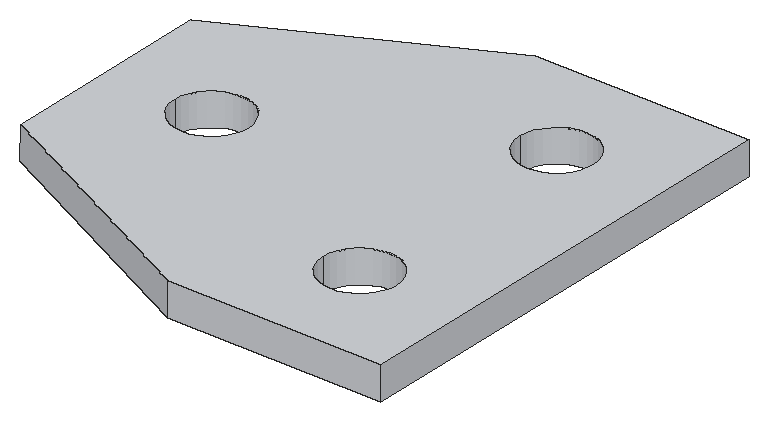
Revit family "Fitting-Flat_Plate-Unistrut-P1356", category Specialty Equipment, Revit 2012
Parameters (values of type "P1356")
  ecoScorecard_data = "http://products.ecoscorecard.com/atkore/P1356"
  ecoScorecard Product Page = "http://products.ecoscorecard.com/atkore/P1356?action=html"
  Weight Per Piece = 0.70 lbf
  Unit = none
  Unistrut Part Number = "P1356"  # constant formula
  URL = "http://unistrut.us/index.php"
  Thickness = 0' - 0 1/4"  # constant formula
  Subcategory = "Flat Plate Fittings"  # constant formula
  Product Page URL = "http://unistrut.us/index.php?WP=cat_detail&S=S05&P=P1356"
  Power Strut Part Number = "PS 925"  # constant formula
  Part Type = "P1356"  # constant formula
  Overall Width = 0' - 3 1/2"  # constant formula
  Overall Length = 0' - 3 1/2"  # constant formula
  Model = "P1356"  # constant formula
  Material = ""
  Manufacturer Phone - Toll Free = "800-882-5543"  # constant formula
  Manufacturer Phone = "708-339-1610"  # constant formula
  Manufacturer Fax = "708-339-7814"  # constant formula
  Manufacturer Email = "mailto:jshaw@atkore.com"
  Manufacturer Address = "16100 South Lathrop Avenue, Harvey, IL 60426"  # constant formula
  Manufacturer = "Unistrut by Atkore International"  # constant formula
  Load Capacity Note = "Visit the product page for load application and capacity."  # constant formula
  Literature URL = "http://unistrut.us/index.php?WP=LItLibrary"
  Hole Diameter = 0' - 0 9/16"
  Cost Info = "mailto:jshaw@atkore.com"
  CAD URL = "http://unistrut.us/index.php?WP=CAD3d"
  Assembly Code = "D5020100"
  95 CSI = "16070"  # constant formula
  04 CSI = "26 05 48"  # constant formula
Reference planes (in)
  plane 1 "Center (Front/Back)": y = 0
  plane 2: z = 0
  plane 3 "Center (Left/Right)": x = 0
  plane 4: y = 1.75
  plane 5: y = -1.75
  plane 6: x = -1.75
  plane 7: x = 1.75
  plane 8: z = 0.25
  plane 9: x = 0.93999
  plane 10: x = -0.94205
Dimensions and locks (in)
  equal spacing: plane 6, plane 3 "Center (Left/Right)", plane 7
  "Overall Width": plane 6 to plane 7
  equal spacing: plane 4, plane 1 "Center (Front/Back)", plane 5
  "Overall Length": plane 4 to plane 5
  "Thickness": plane 8 to plane 2
  aligned and locked: level to plane 2
  aligned and locked: plane 3 "Center (Left/Right)" to nested 1
  aligned and locked: plane 1 "Center (Front/Back)" to nested 1
Nested families (in)
  nested 1: "1356" at (0, 0, 0), type "1356"
Definition of nested family "1356"
  Parameters (values of type "P1356")
    Width = 0' - 3 1/2"
    Unit = none
    Thickness = 0' - 0 1/4"
    Radiuis = Diameter / 2  # 0' - 0 9/32"
    Length = 0' - 3 1/2"
    Diameter = 0' - 0 9/16"
  Reference planes (in)
    plane 1 "Center (Front/Back)": y = 0
    plane 2: z = 0
    plane 3 "Center (Left/Right)": x = 0
    plane 4: y = 1.75
    plane 5: y = -1.75
    plane 6: x = -1.75
    plane 7: x = 1.75
    plane 8: z = 0.25
    plane 9: through (0.125, 1.75, 48) normal (0.4472, -0.8944, 0)
    plane 10: through (-1.75, -0.8125, 48) normal (0.4472, 0.8944, 0)
  Forms (in)
    Extrusion 1, solid, material <- "Unit"
      sketch origin (0, 0, 0) x (1, 0, 0) y (0, 1, 0)
        loop
          line (0.125, 1.75) -> (-1.75, 0.8125) -> (-1.75, -0.8125) -> (0.125, -1.75) -> (1.75, -1.75) -> (1.75, 1.75) -> (0.125, 1.75)
        loop
          circle (-0.94205, 0) r 0.28125
        loop
          circle (0.93999, 0.93763) r 0.28125
        loop
          circle (0.93999, -0.93763) r 0.28125
      from 0 to 0.25
  Dimensions and locks (in)
    equal spacing: plane 6, plane 3 "Center (Left/Right)", plane 7
    "Length": plane 6 to plane 7
    equal spacing: plane 4, plane 1 "Center (Front/Back)", plane 5
    "Width": plane 4 to plane 5
    "Thickness": plane 8 to plane 2
    locked: plane 6 to Extrusion 1 sketch curve at 0.80795
    locked: Extrusion 1 sketch curve to plane 7 at 0.81001  (x2)
    locked: plane 4 to Extrusion 1 sketch curve at 0.81237
    locked: plane 5 to Extrusion 1 sketch curve at 0.81237
    "Radiuis": radius of Extrusion 1 sketch curve  (x3)
    aligned and locked: level to plane 2
    aligned and locked: Extrusion 1 sketch curve to plane 4
    aligned and locked: Extrusion 1 sketch curve to plane 9
    aligned and locked: Extrusion 1 sketch curve to plane 10
    aligned and locked: Extrusion 1 sketch curve to plane 6
    aligned and locked: plane 5 to Extrusion 1 sketch curve
    aligned and locked: plane 7 to Extrusion 1 sketch curve
    aligned and locked: plane 1 "Center (Front/Back)" to Extrusion 1 sketch curve
    aligned and locked: Extrusion 1 to plane 9
    aligned and locked: Extrusion 1 to plane 10
    aligned and locked: Extrusion 1 to plane 2
    aligned and locked: plane 8 to Extrusion 1
